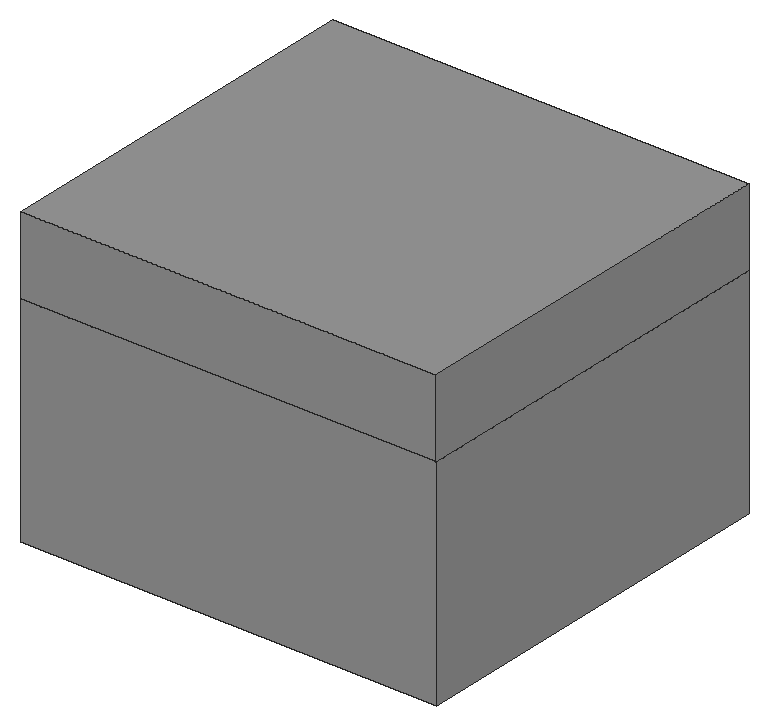
Revit family "Aluminiumleergehäuse-Mx 080705SGR", category Generic Models, Revit 2017
Family settings
  Can host rebar = No
  Round Connector Dimension = Use Diameter
  Part Type = Normal
  Work Plane-Based = No
  Always vertical = Yes
  Cut with Voids When Loaded = No
  Shared = No
  Room Calculation Point = No
Parameters (values of type "Mx 080705 SGR")
  URL = "http://www.obo-bettermann.com"
  Material = Aluminiumdruckguss
  Manufacturer Art.No. = "2011308"
  Manufacturer = "OBO BETTERMANN"
  GTIN = "4012196030781"
  Article Type = "Mx 080705 SGR"
Reference planes
  plane 1 "Center (Front/Back)": y = 0
  plane 2: z = 0
  plane 3 "Center (Left/Right)": x = 0
  plane 4: z = 42
  plane 5: z = 57
Forms (mm)
  Extrusion 1, solid, material "Aluminiumdruckguss" <- "Material"
    sketch origin (0, 0, 0) x (1, 0, 0) y (0, 1, 0)
      loop
        line (0, 0) -> (80, 0) -> (80, 75) -> (0, 75) -> (0, 0)
    from 0 to 42
  Extrusion 2, solid, material "Aluminiumdruckguss" <- "Material"
    sketch origin (0, 0, 0) x (1, 0, 0) y (0, 1, 0)
      loop
        line (0, 75) -> (0, 0) -> (80, 0) -> (80, 75) -> (0, 75)
    from 42 to 57
Dimensions and locks
  locked: Extrusion 1 sketch curve to Extrusion 1 sketch curve at 75
  locked: Extrusion 1 sketch curve to Extrusion 1 sketch curve at 80
  locked: plane 4 to level at 42
  locked: Extrusion 1 to Extrusion 1 at 75
  locked: Extrusion 1 to Extrusion 1 at 80
  locked: Extrusion 2 to Extrusion 2 at 15
  aligned and locked: level to plane 2
  aligned and locked: plane 1 "Center (Front/Back)" to Extrusion 1
  aligned and locked: Extrusion 1 to plane 3 "Center (Left/Right)"
  aligned and locked: plane 4 to Extrusion 1
  aligned and locked: Extrusion 2 to Extrusion 1
  aligned and locked: Extrusion 2 to plane 5
